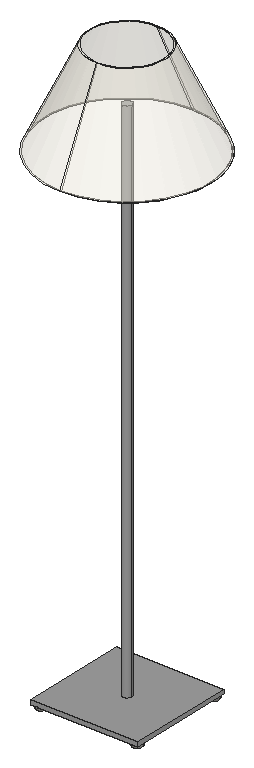
Revit family "32ed5f36dd354f63abb1d2a32bd26495", category Lighting Fixtures, Revit 2021
Family settings
  Round Connector Dimension = Use Diameter
  Part Type = Normal
  OmniClass Number = 23.80.70.11.11
  OmniClass Title = General Luminaries, Non Directional
  Seek Item ID = Floor Lamp - Standup-0000-USA-ENU
  Work Plane-Based = No
  Always vertical = Yes
  Cut with Voids When Loaded = No
  Light Source = Yes
  Shared = No
  Room Calculation Point = No
Parameters (values of type "150W - 277V")
  Wattage = 150 W
  built-in parameter 1150110 = 1 (stored number, unit not read)
  built-in parameter 1114217 = 1 (stored number, unit not read)
  built-in parameter 1150109 = 1 (stored number, unit not read)
  built-in parameter 1150134 = 4
  built-in parameter 1150113 = 1 (stored number, unit not read)
  Tilt Angle = 90.00°
  Photometric Web File = "FLS1A21.IES"
  built-in parameter 1150115 = 1 (stored number, unit not read)
  built-in parameter 1150105 = 226.8 (stored number, unit not read)
  Load Classification = Lighting - Dwelling Unit
  built-in parameter 1150137 = 1
  built-in parameter 1150139 = (empty or 0)
  built-in parameter 1150112 = 1 (stored number, unit not read)
  built-in parameter 1150114 = 1 (stored number, unit not read)
  built-in parameter 1150132 = (empty or 0)
  built-in parameter 1150102 = (empty or 0)
  built-in parameter 1150138 = (empty or 0)
  built-in parameter 1150107 = 2800 (stored number, unit not read)
  built-in parameter 1150106 = 2.268 (stored number, unit not read)
  built-in parameter 1150104 = 1.7652 (stored number, unit not read)
  Dimming Lamp Color Temperature Shift = <None>
  Default Elevation = 0' - 0"
  Color Filter = 16777215
  Ballast Voltage = 277 V
  Ballast Number of Poles = 1
  built-in parameter 1114218 = 1 (stored number, unit not read)
  built-in parameter 1150133 = 10 (stored number, unit not read)
  Assembly Code = "D5020220"
  Lamp = "A-21"
  Lumens = 2850 lm
  Shade = Glass, Frosted
  Stand = Steel, Chrome Plated
  Wattage Comments = "150"
  Apparent Load = 150 VA
Types (5): name | Wattage | Photometric Web File | built-in parameter 1150105 | built-in parameter 1150106 | built-in parameter 1150104 | Ballast Voltage | Lamp | Lumens | Wattage Comments | Apparent Load
  (no name) | 150 W | "FLS1A21.IES" | 226.8 (stored number, unit not read) | 2.268 (stored number, unit not read) | 1.7652 (stored number, unit not read) | 277 V | "A-21" | 2850 lm | "150" | 150 VA
  100W - 120V | 100 W | "FLH1A19.IES" | 139.26 (stored number, unit not read) | 1.3926 (stored number, unit not read) | 1.6258 (stored number, unit not read) | 120 V | "A-19" | 1750 lm | "100" | 100 VA
  100W - 277V | 100 W | "FLH1A19.IES" | 139.26 (stored number, unit not read) | 1.3926 (stored number, unit not read) | 1.6258 (stored number, unit not read) | 277 V | "A-19" | 1750 lm | "100" | 100 VA
  150W - 277V | 150 W | "FLS1A21.IES" | 226.8 (stored number, unit not read) | 2.268 (stored number, unit not read) | 1.7652 (stored number, unit not read) | 277 V | "A-21" | 2850 lm | "150" | 150 VA
  150W - 120V | 150 W | "FLS1A21.IES" | 226.8 (stored number, unit not read) | 2.268 (stored number, unit not read) | 1.7652 (stored number, unit not read) | 120 V | "A-21" | 2850 lm | "150" | 150 VA
Reference planes (in)
  plane 1 "Light Source Axis": y = 0
  plane 2: z = 0
  plane 3 "Light Source Axis": x = 0
  plane 4: y = 5.29992
  plane 5 "Light Source Elevation": z = 62.698
Forms (in)
  Revolve 1, solid, material "Steel, Chrome Plated" <- "Stand"
    sketch origin (5.36691, -8.28576, 0) x (0, 1, 0) y (0, 0, 1)
      loop
        arc (13.76475, 0) -> (14.11794, 0.1463) -> (14.26424, 0.49949) r 0.49949
        line (14.26424, 0.49949) -> (13.76475, 0.49949) -> (13.76475, 0)
      axis (13.64235, 0) -> (13.64235, 0.49949)
    angle from -90 to 270
  Revolve 2, solid, material "Steel, Chrome Plated" <- "Stand"
    sketch origin (-5.35559, -8.29994, 0) x (0, 1, 0) y (0, 0, 1)
      loop
        arc (13.76475, 0) -> (14.11794, 0.1463) -> (14.26424, 0.49949) r 0.49949
        line (14.26424, 0.49949) -> (13.76475, 0.49949) -> (13.76475, 0)
      axis (13.64235, 0) -> (13.64235, 0.49949)
    angle from -90 to 270
  Revolve 3, solid, material "Steel, Chrome Plated" <- "Stand"
    sketch origin (-5.33217, -19.00419, 0) x (0, 1, 0) y (0, 0, 1)
      loop
        arc (13.76475, 0) -> (14.11794, 0.1463) -> (14.26424, 0.49949) r 0.49949
        line (14.26424, 0.49949) -> (13.76475, 0.49949) -> (13.76475, 0)
      axis (13.64235, 0) -> (13.64235, 0.49949)
    angle from -90 to 270
  Revolve 4, solid, material "Steel, Chrome Plated" <- "Stand"
    sketch origin (5.3955, -18.98076, 0) x (0, 1, 0) y (0, 0, 1)
      loop
        arc (13.76475, 0) -> (14.11794, 0.1463) -> (14.26424, 0.49949) r 0.49949
        line (14.26424, 0.49949) -> (13.76475, 0.49949) -> (13.76475, 0)
      axis (13.64235, 0) -> (13.64235, 0.49949)
    angle from -90 to 270
  Extrusion 5, solid, material "Steel, Chrome Plated" <- "Stand"
    sketch origin (0, 0, 0) x (1, 0, 0) y (0, 1, 0)
      loop
        line (-6, 6) -> (-6, -6) -> (6, -6) -> (6, 6) -> (-6, 6)
    from 0.49949 to 0.98283
  Extrusion 6, solid, material "Steel, Chrome Plated" <- "Stand"
    sketch origin (0, 0, 0.98283) x (1, 0, 0) y (0, 1, 0)
      loop
        circle (0, 0) r 0.5
    from 0 to 59.01717
  Revolve 7, solid, material "Glass, Frosted" <- "Shade"
    sketch origin (0, 0, 0) x (0, 1, 0) y (0, 0, 1)
      loop
        line (4.27452, 65.91283) -> (4.0968, 65.91283) -> (9.18654, 55.25887) -> (9.36427, 55.25887) -> (4.27452, 65.91283)
      axis (0, 65.91283) -> (0, 55.25887)
    angle from 0 to 360
Lines and regions (in)
  Masking region 1
    outline origin (0, 0, 0) x (1, 0, 0) y (0, 1, 0)
      loop
        circle (0, 0) r 9.5
  symbolic lines
    curve 1: arc (9.5, 0, 0) -> (0, 9.5, 0) -> (-9.5, 0, 0) r 9.5
    curve 2: arc (-9.5, 0, 0) -> (0, -9.5, 0) -> (9.5, 0, 0) r 9.5
    curve 3: arc (4.22499, 0, 0) -> (0, 4.22499, 0) -> (-4.22499, 0, 0) r 4.22499
    curve 4: arc (-4.22499, 0, 0) -> (0, -4.22499, 0) -> (4.22499, 0, 0) r 4.22499
Dimensions and locks (in)
  aligned and locked: Extrusion 6 to Extrusion 5
  aligned and locked: Masking region 1 sketch curve to curve 1
  aligned and locked: imposter light to plane 3 "Light Source Axis"
  aligned and locked: plane 1 "Light Source Axis" to imposter light
  aligned and locked: plane 5 "Light Source Elevation" to imposter light
Connectors (in)
  electrical at (0, 0, 60), driven by "Ballast Number of Poles", driven by "Ballast Voltage", driven by "Apparent Load", driven by "Load Classification"
    settings: on Extrusion 6, index 1, voltage 277 V, apparent load 0 VA, apparent load phase1 150 VA, apparent load phase2 0 VA, apparent load phase3 0 VA, power factor 0.95, load classification "Lighting - Dwelling Unit", number of poles 1, system type 31, power factor state 1, is connector primary yes, connector utility no, sub classification motor no, connector description ""
